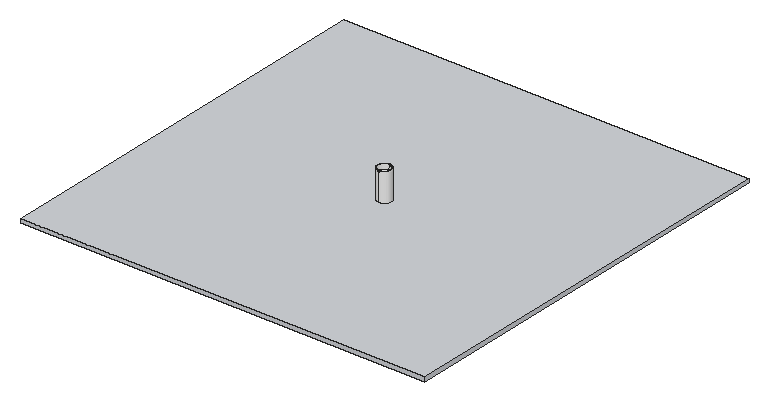
Revit family "Lighting-Pendant-Lucifer-Cylinder-CY2", category Lighting Fixtures, host Face, Revit 2016
Family settings
  Host = Face
  Part Type = Normal
  Round Connector Dimension = Use Diameter
  Cut with Voids When Loaded = No
  Light Source = Yes
  Shared = No
  Room Calculation Point = No
Parameters (values of type "CY2")
  Wattage = 9.2903 W
  built-in parameter 1150110 = 1 (stored number, unit not read)
  Voltage = 0 V
  URL = "https://www.luciferlighting.com/"
  built-in parameter 1114217 = 1 (stored number, unit not read)
  Tilt Angle = -90.00°
  built-in parameter 1150109 = 1 (stored number, unit not read)
  built-in parameter 1150134 = 3
  built-in parameter 1150113 = 1 (stored number, unit not read)
  Power Factor = 1
  Photometric Web File = "Load File"
  Number of Poles = 1
  built-in parameter 1150142 = (empty or 0)
  Model = "CY2"
  Manufacturer = "Lucifer Lighting"
  built-in parameter 1150105 = 109.82 (stored number, unit not read)
  Lumens = 1380 lm
  built-in parameter 1150115 = 1 (stored number, unit not read)
  built-in parameter 1150137 = (empty or 0)
  built-in parameter 1150139 = (empty or 0)
  built-in parameter 1150112 = 1 (stored number, unit not read)
  built-in parameter 1150114 = 1 (stored number, unit not read)
  Lamp = "LED"
  built-in parameter 1150132 = (empty or 0)
  built-in parameter 1150102 = (empty or 0)
  built-in parameter 1150107 = 3200 (stored number, unit not read)
  built-in parameter 1150138 = (empty or 0)
  built-in parameter 1150106 = 1.0982 (stored number, unit not read)
  Emit from Circle Diameter = 3.25"
  Emit Shape Visible in Rendering = no
  built-in parameter 1150104 = 13.8 (stored number, unit not read)
  Dimming Lamp Color Temperature Shift = <None>
  Description = "Surface Cylinder"
  Default Elevation = 48.00"
  Color Filter = 16777215
  built-in parameter 1114218 = 1 (stored number, unit not read)
  built-in parameter 1150133 = 10 (stored number, unit not read)
  Apparent Load = 0 VA
Reference planes (in)
  plane 1 "Center (Front/Back)": y = 0
  plane 2: z = 0.125
  plane 3 "Center (Left/Right)": x = 0
  plane 4: z = -4.94
  plane 5: z = -4.94
  plane 6: z = 21.09992
  plane 7: y = 1.625
  plane 8: y = -1.625
  plane 9: z = 20.07992
  plane 10: z = 11.57492
  plane 11: z = 1.725
  plane 12: z = 6.7
  plane 13: z = 0
Forms (in)
  Extrusion 1, solid
    sketch origin (0, 0, 0) x (1, 0, 0) y (0, 1, 0)
      loop
        line (-48, 48) -> (-48, -48) -> (48, -48) -> (48, 48) -> (-48, 48)
    from 0.125 to -0.82085
  Revolve 2, solid, material "Housing"
    sketch origin (0, 0, 13.69992) x (0, 1, 0) y (0, 0, 1)
      loop
        line (1.625, -6.99992) -> (1.475, -6.99992) -> (1.475, -8.01992) -> (0, -8.01992) -> (0, -13.69992) -> (1.625, -13.69992) -> (1.625, -6.99992)
      axis (0, -6.99992) -> (0, -13.69992)
    angle from 0 to 360
Dimensions and locks (in)
  equal spacing: plane 7, plane 1 "Center (Front/Back)", plane 8
  plane 7 to plane 8 = 3.25"
  locked: Revolve 2 sketch curve to Revolve 2 sketch curve at 1.02
  Revolve 2 sketch curve to Revolve 2 sketch curve = 5.68"
  plane 12 to plane 13 = 6.70"
  aligned and locked: plane 2 to Extrusion 1
  aligned and locked: plane 12 to Revolve 2
  aligned and locked: imposter light to plane 1 "Center (Front/Back)"
  aligned and locked: imposter light to Revolve 2
Connectors (in)
  electrical at (0, 0, 0), driven by "Number of Poles", driven by "Voltage", driven by "Apparent Load", driven by "Power Factor"
    settings: on Revolve 2, index 1, voltage 0 V, apparent load 0 VA, apparent load phase1 0 VA, apparent load phase2 0 VA, apparent load phase3 0 VA, power factor 1, load classification "Other", number of poles 1, system type 31, power factor state 1, is connector primary yes, connector utility no, sub classification motor no, connector description ""
